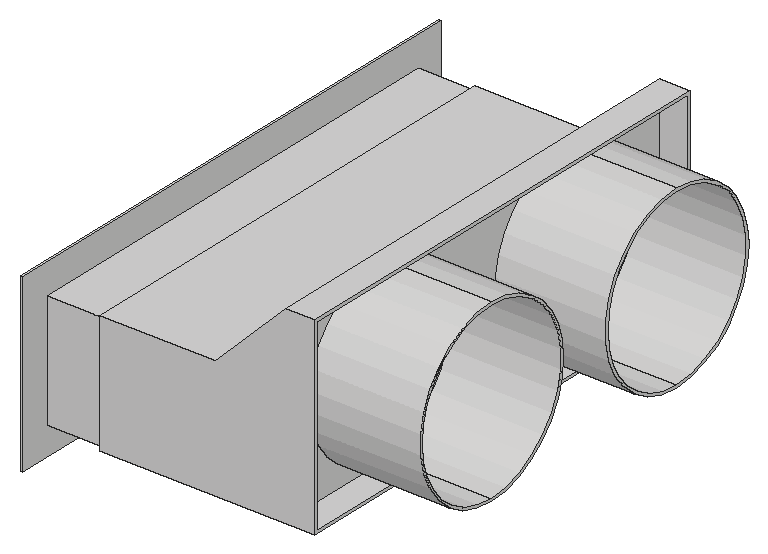
Revit family "CADS_AIRFLOWdev_AirflexPro_Round_StraightWallOutlet_Supply", category Duct Fittings, Revit 2019
Family settings
  Round Connector Dimension = Use Diameter
  Part Type = Wye
  OmniClass Number = 23.75.00.00
  OmniClass Title = Climate Control (HVAC)
  Work Plane-Based = No
  Always vertical = Yes
  Cut with Voids When Loaded = No
  Shared = No
Parameters
  f2 [instance] = Flow - f1  # 0.0 L/s
  f1 [instance] = 0.0 L/s
  WorkingPressure = 3000.0 Pa
  WeeklyMaintenance = "N/A"
  WarrantyStartDate [instance] = "1900-12-31T23:59:163"
  WarrantyPeriod = "0"
  WarrantyIdentifier = "N/A"
  WarrantyGuarantorParts = "info@airflow.com"
  WarrantyGuarantorLabor = "info@airflow.com"
  WarrantyGuarantor = "Airflow Developments Ltd"
  WarrantyEndDate [instance] = "1900-12-31T23:59:163"
  WarrantyContent = "N/A"
  Uniclass2015 = "Pr_30_59_96_92:Ventilation ducts"
  URL = ""
  Type Comments = ""
  TemperatureRange = "up to 40°C"
  TagNumber [instance] = "N/A"
  SustainabilityPerformance = "N/A"
  Status = "New"
  Size = "220-260 x 210 x 88"
  ShippingWeight = 1.08 kg
  Shape = "Rectangular"
  ServiceLifeType = "EXPECTEDSERVICELIFE"
  ServiceLifeDuration = "10"
  SerialNumber [instance] = "N/A"
  SAPApproval = yes
  RunID [instance] = "0"  # constant formula
  ReplacementCost = "87.024"
  Reinforcement = "N/A"
  RedDotDesignAward = no
  QuarterlyMaintenance = "N/A"
  Quantity = 1
  ProductionYear = "2017"
  ProductLiterature = "https://www.airflow.com/pdf/Accessories.pdf#page=3"
  PointOfContact = "Airflow Developments Ltd"
  PassiveHouseApproval = no
  NominalWidth = 210 mm
  NominalLength = 260 mm
  NominalHeight = 88 mm
  NBSCode = "45-80-50/394 Ventilation ducts"
  MonthlyMaintenance = "N/A"
  ModelReference [instance] = "9041143"
  ModelLabel [instance] = "Straight wall-outlet 200 x 50mm For use with  9041175"
  Model = ""
  Material = "Steel"
  ManufacturerWebsite = "www.airflow.com"
  ManufacturerTelephone = "01494 525252"
  ManufacturerE-Mail = "info@airflow.com"
  ManufacturerAddress = "Aidelle House\nLancaster Road\nCressex Business Park\nHigh Wycombe\nBucks\nHP123QP"
  Manufacturer = "Airflow Developments Ltd"
  MaintenanceRequired8001to12000hrs = "N/A"
  MaintenanceRequired601to1000hrs = "N/A"
  MaintenanceRequired4001to8000hrs = "N/A"
  MaintenanceRequired301to600hrs = "N/A"
  MaintenanceRequired2001to4000hrs = "N/A"
  MaintenanceRequired1001to2000hrs = "N/A"
  MaintenanceRequired0to300hrs = "N/A"
  LongitudinalSeam = "None"
  Keynote = ""
  IsExtendedWarranty = no
  InstallationDate [instance] = "1900-12-31T23:59:163"
  ISO90001 = yes
  ISO140001 = yes
  GrossWeight = 0.90 kg
  Grade = "Stainless"
  GlobalTradeItemNumber [instance] = "5019009305776"
  Flow [instance] = 0.0 L/s
  Fitting Type = "Ignore"
  FireControlPanelLinks = no
  Finish = "Lacquer"
  Features = "Straight wall-outlet 200 x 50mm For use with  9041175"
  ExpectedServiceLife = 10
  Exclusions = "N/A"
  DurationUnit = "Year"
  DailyMaintenance = "N/A"
  Constituents = "Straight wall-outlet 200 x 50mm For use with  9041175"
  Color = "Silver"
  CodePerformance = "N/A"
  CEApproval = yes
  CADS_Index = 0
  BespokeTimeFrameMaintenance = "N/A"
  AssetType = "FIXED"
  AssetIdentifier [instance] = "N/A"
  AssemblyPlace = "UNKNOWN"
  ArticleNumber [instance] = "N/A"
  AnnualMaintenance = "N/A"
  AirflowRateRange = 18.0 L/s
  AdjustCheck [instance] = if(AdjustableLength > 100 mm, 100 mm, AdjustableLength)  # 25 mm
  AdjustableLength [instance] = 25 mm
  Body = CADS_AIRFLOWdev_SteelGalvanized
  AccessibilityPerformance = "N/A"
  6MonthlyMaintenance = "Visually inspect system, clean the fan and ducting if necessary"
Reference planes
  plane 1 "Center (Front/Back)": y = 0
  plane 2: z = 0
  plane 3 "Center (Left/Right)": x = 1.5
  plane 4: x = 76.5
  plane 5: x = 26.5
  plane 6: x = 106.5
  plane 7: x = 119.2
  plane 8: z = 56.87
  plane 9: z = -26
  plane 10: z = 26
Forms (mm)
  Sweep 1, solid, material "CADS_AIRFLOWdev_SteelGalvanized" <- "Body"
    path origin (1.5, 0, 0) x (0, -1, 0) y (0, 0, -1)
      loop
        line (-100, -25) -> (100, -25) -> (100, 25) -> (-100, 25) -> (-100, -25)
    profile origin (1.5, 0, 25) x (0, 0, -1) y (1, 0, 0)
      loop
        line (-12.7, 0) -> (1, 0) -> (1, 75) -> (0, 75) -> (0, 1.082) -> (-12.7, 1.082) -> (-12.7, 0)
  Extrusion 2, solid, material "CADS_AIRFLOWdev_SteelGalvanized" <- "Body"
    sketch origin (0, 0, 0) x (1, 0, 0) y (0, 0, 1)
      loop
        line (26.5, 26) -> (26.5, -26) -> (119.2, -26) -> (119.2, 56.87) -> (106.5, 56.87) -> (76.5, 26) -> (26.5, 26)
    from -101 to 101
  Extrusion 3, void
    sketch origin (119.2, 0, 56.87) x (0, 0, -1) y (0, 1, 0)
      loop
        line (1, -100) -> (81.87, -100) -> (81.87, 100) -> (1, 100) -> (1, -100)
    from -12.7 to 0
  Extrusion 4, solid, material "CADS_AIRFLOWdev_SteelGalvanized" <- "Body"
    sketch origin (106.5, 0, 56.87) x (0, 0, -1) y (0, 1, 0)
      loop
        circle (41.435, -50) r 37.5
      loop
        circle (41.435, 50) r 37.5
      loop
        circle (41.435, -50) r 38.5
      loop
        circle (41.435, 50) r 38.5
    from 0 to 48
Cuts and joins
  Extrusion 3 cuts Extrusion 2
  joined: Extrusion 2, Extrusion 4
Dimensions and locks
  locked: plane 7 to plane 6 at 12.7
  plane 6 to plane 4 = 30 mm
  locked: plane 4 to plane 5 at 50
  equal spacing: cut or joined group of Extrusion 2, Extrusion 3, Extrusion 4, Extrusion 4 sketch curve, cut or joined group of Extrusion 2, Extrusion 3, Extrusion 4  (x2)
  Extrusion 4 sketch curve to plane 1 "Center (Front/Back)" to Extrusion 4 sketch curve = 50 mm, 50 mm
  "AdjustCheck": plane 3 "Center (Left/Right)" to plane 5
  aligned and locked: level to plane 2
  aligned and locked: plane 4 to Sweep 1 sketch curve
  aligned and locked: Extrusion 2 sketch curve to plane 7
  aligned and locked: Extrusion 2 sketch curve to plane 8
  aligned and locked: plane 9 to Extrusion 2 sketch curve
  aligned and locked: plane 5 to Extrusion 2 sketch curve
Automatic sketch dimensions
  plane 9 to Sweep 1 sketch curve = 1 mm
  Sweep 1 sketch curve to plane 1 "Center (Front/Back)" = 100 mm
  plane 1 "Center (Front/Back)" to Sweep 1 sketch curve = 100 mm
  Sweep 1 sketch curve to plane 10 = 1 mm
  Sweep 1 sketch curve to profile plane = 0 mm  (x2)
  profile plane to Sweep 1 sketch curve = 12.7 mm
  Sweep 1 sketch curve to profile plane = 1 mm
  profile plane to Sweep 1 sketch curve = 1.082 mm
  Extrusion 2 sketch curve to plane 4 = 0 mm
  Extrusion 2 sketch curve to plane 6 = 0 mm
  Extrusion 2 sketch curve to plane 10 = 0 mm
  Extrusion 3 sketch curve to Extrusion 2 = 1 mm
  Extrusion 2 to Extrusion 3 sketch curve = 1 mm  (x3)
  Extrusion 4 sketch curve to Extrusion 4 sketch curve = 0 mm  (x4)
  radius of Extrusion 4 sketch curve = 37.5 mm  (x2)
  radius of Extrusion 4 sketch curve = 38.5 mm  (x2)
Connectors
  hvac at (106.5, 50, 15.435), driven by "f1"
    settings: on cut or joined group of Extrusion 2, Extrusion 3, Extrusion 4, index 1, duct flow 0.0 L/s, flow factor 0, pres drop 0.0 Pa, loss coef 0, conn angle 0.00°, conn width 304.8 mm, conn height 304.8 mm, conn diameter 75 mm, duct sys type 1, conn prof type 0, flow config 1, flow direction 1, loss method 0, conn ref index -1, conn util no, is conn primary no, conn desc ""
  hvac at (106.5, -50, 15.435), driven by "f2"
    settings: on cut or joined group of Extrusion 2, Extrusion 3, Extrusion 4, index 2, duct flow 0.0 L/s, flow factor 0, pres drop 0.0 Pa, loss coef 0, conn angle 0.00°, conn width 304.8 mm, conn height 304.8 mm, conn diameter 75 mm, duct sys type 1, conn prof type 0, flow config 1, flow direction 1, loss method 0, conn ref index -1, conn util no, is conn primary no, conn desc ""
  hvac at (1.5, 0, 0), driven by "Flow"
    settings: on Sweep 1, index 3, duct flow 0.0 L/s, flow factor 0, pres drop 0.0 Pa, loss coef 0, conn angle 0.00°, conn width 204 mm, conn height 60 mm, conn diameter 609.6 mm, duct sys type 1, conn prof type 1, flow config 0, flow direction 2, loss method 0, conn ref index -1, conn util no, is conn primary yes, conn desc ""
